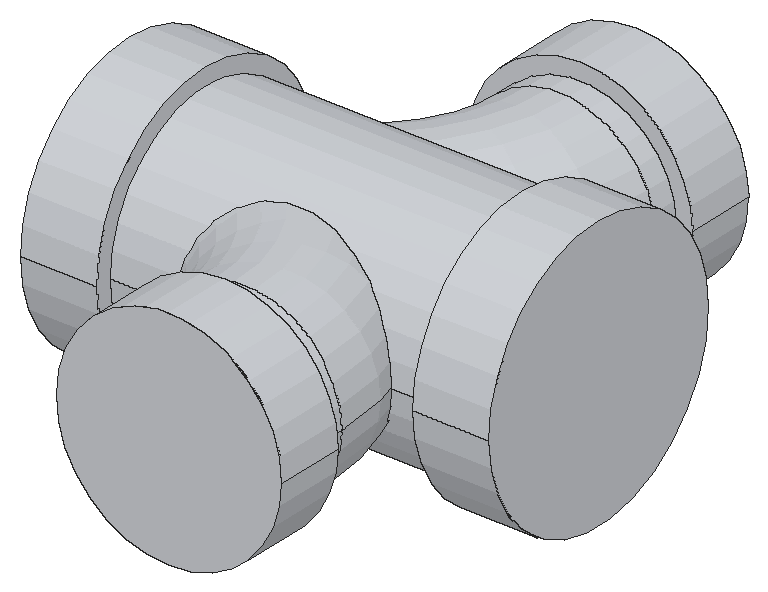
Revit family "变径顺水四通 - PVC - Sch 40 - DWV", category 管件, Revit 2020
Family settings
  圆形连接件大小 = 使用半径
  零件类型 = 四通
  基于工作平面 = 否
  总是垂直 = 是
  加载时剪切的空心 = 否
  共享 = 否
Parameters (values of type "标准")
  默认高程 = 0 mm
  壁厚 2 [instance] = size_lookup(查找表格名, "WThk", 0.02 * 公称直径 2 + 3.274 mm, 公称直径 2)  # 3.962 mm
  壁厚 1 [instance] = size_lookup(查找表格名, "WThk", 0.02 * 公称直径 1 + 3.274 mm, 公称直径 1)  # 3.962 mm
  记号尺寸 2 [instance] = 管件外径 2 * 0.4  # 19.304 mm
  记号尺寸 1 [instance] = 管件外径 1 * 0.4  # 24.13 mm
  套管外半径 2 [instance] = 套管外径 2 / 2  # 28.283 mm
  套管外半径 1 [instance] = 套管外径 1 / 2  # 34.315 mm
  套管外径 2 [instance] = 套管入口直径 2 + 壁厚 2 * 2  # 56.566 mm
  套管外径 1 [instance] = 套管入口直径 1 + 壁厚 1 * 2  # 68.631 mm
  套管入口直径 2 [instance] = size_lookup(查找表格名, "SED", 1.04 * 公称直径 2 + 9.426 mm, 公称直径 2)  # 48.641 mm
  套管入口直径 1 [instance] = size_lookup(查找表格名, "SED", 1.04 * 公称直径 1 + 9.426 mm, 公称直径 1)  # 60.706 mm
  套管深度 2 [instance] = size_lookup(查找表格名, "SDpt", 0.5 * 公称直径 2, 公称直径 2)  # 17.45 mm
  套管深度 1 [instance] = size_lookup(查找表格名, "SDpt", 0.5 * 公称直径 1, 公称直径 1)  # 19.05 mm
  套管底部到套管底部管路 [instance] = size_lookup(查找表格名, "SBtSBR", -0.34 * 公称直径 1 + 1.57 * 公称直径 2 + 34.528 mm, 公称直径 1, 公称直径 2)  # 79.375 mm
  半径 4 [instance] = 管件外半径 2  # 24.13 mm
  半径 3 [instance] = 管件外半径 2  # 24.13 mm
  半径 2 [instance] = 管件外半径 2  # 24.13 mm
  半径 1 [instance] = 管件外半径 2  # 24.13 mm
  公称半径 2 [instance] = 20 mm
  公称直径 2 [instance] = 公称半径 2 * 2  # 40 mm
  最小角度 12 [instance] = if(角度 1 < 角度 2, 角度 1, 角度 2)  # 90.00°
  查找表格名 = "M_Tee Reducing Double Sanitary - PVC - Sch 40 - DWV"
  长度 9 [instance] = if(长度 7 > 套管外半径 1, 套管深度 2, if((套管外半径 2 * cos(角度 2) + 套管外半径 1 - 长度 5) / sin(角度 2) > 3.175 mm, (套管外半径 2 * cos(角度 2) + 套管外半径 1 - 长度 5) / sin(角度 2), 3.175 mm))  # 17.45 mm
  长度 8 [instance] = if(长度 6 > 套管外半径 1, 套管深度 2, if((套管外半径 2 * cos(角度 1) + 套管外半径 1 - 长度 4) / sin(角度 1) > 3.175 mm, (套管外半径 2 * cos(角度 1) + 套管外半径 1 - 长度 4) / sin(角度 1), 3.175 mm))  # 17.45 mm
  长度 7 [instance] = 长度 5 - 套管外半径 2 * cos(角度 2)  # 49.225 mm
  长度 6 [instance] = 长度 4 - 套管外半径 2 * cos(角度 1)  # 49.225 mm
  长度 5 [instance] = 中心半径 2 * (1 - cos(角度 2))  # 49.225 mm
  长度 4 [instance] = 中心半径 1 * (1 - cos(角度 1))  # 49.225 mm
  长度 3 [instance] = if(套管底部到套管底部管路 - 中心到套管底部管路 > 3.175 mm, 套管底部到套管底部管路 - 中心到套管底部管路, 3.175 mm)  # 30.15 mm
  长度 2 [instance] = 0 mm  # constant formula
  长度 19 [instance] = if(长度 9 = 套管深度 2, if(角度 2 = 90.00°, -中心到套管底部管路 + 中心到套管底部支管 + 套管深度 2, 套管深度 2), 套管深度 2 + 长度 9)  # 23.8 mm
  长度 18 [instance] = if(长度 8 = 套管深度 2, if(角度 1 = 90.00°, -中心到套管底部管路 + 中心到套管底部支管 + 套管深度 2, 套管深度 2), 套管深度 2 + 长度 8)  # 23.8 mm
  长度 17 [instance] = 长度 12 + 4572 mm  # 4621.225 mm
  长度 16 [instance] = 长度 10 + 4572 mm  # 4621.225 mm
  长度 15 [instance] = if(最小角度 12 < 90.00°, if(中心到套管底部管路标签 + 长度 3 > 长度 14, 长度 3, 长度 14 - 中心到套管底部管路标签), 长度 3)  # 30.15 mm
  长度 14 [instance] = if(长度 10 > 长度 12, 长度 10 - cos(角度 1) * 套管深度 2 + 套管外半径 2 * sin(角度 1), 长度 12 - cos(角度 2) * 套管深度 2 + 套管外半径 2 * sin(角度 2))  # 77.508 mm
  长度 13 [instance] = 长度 5 + (长度 19) * sin(角度 2)  # 73.025 mm
  长度 12 [instance] = if(长度 7 > 套管外半径 1, 中心半径 2 * sin(角度 2) + 套管深度 2 * cos(角度 2), 中心半径 2 * sin(角度 2) + (长度 9 + 套管深度 2) * cos(角度 2))  # 49.225 mm
  长度 11 [instance] = 长度 4 + (长度 18) * sin(角度 1)  # 73.025 mm
  长度 10 [instance] = if(长度 6 > 套管外半径 1, 中心半径 1 * sin(角度 1) + 套管深度 2 * cos(角度 1), 中心半径 1 * sin(角度 1) + (长度 8 + 套管深度 2) * cos(角度 1))  # 49.225 mm
  长度 1 [instance] = if(管件外半径 2 * tan(角度 1 / 2) > 管件外半径 2 * tan(角度 2 / 2), 管件外半径 2 * tan(角度 1 / 2), 管件外半径 2 * tan(角度 2 / 2))  # 24.13 mm
  中心半径 1 [instance] = 中心到套管底部管路标签 / tan(角度 1 / 2)  # 49.225 mm
  公称半径 1 [instance] = 25 mm
  公称直径 1 [instance] = 公称半径 1 * 2  # 50 mm
  中心半径 2 [instance] = 中心到套管底部管路标签 / tan(角度 2 / 2)  # 49.225 mm
  中心到套管底部管路标签 [instance] = if(长度 1 < 中心到套管底部管路, 中心到套管底部管路, 长度 1 + 3.175 mm)  # 49.225 mm
  管件外半径 2 [instance] = 管件外径 2 / 2  # 24.13 mm
  管件外半径 1 [instance] = 管件外径 1 / 2  # 30.163 mm
  管件外径 2 [instance] = size_lookup(查找表格名, "FOD", 1.04 * 公称直径 2 + 9.128 mm, 公称直径 2)  # 48.26 mm
  管件外径 1 [instance] = size_lookup(查找表格名, "FOD", 1.04 * 公称直径 1 + 9.128 mm, 公称直径 1)  # 60.325 mm
  中心到套管底部管路 [instance] = size_lookup(查找表格名, "CtSBR", -0.16 * 公称直径 1 + 0.93 * 公称直径 2 + 20.836 mm, 公称直径 1, 公称直径 2)  # 49.225 mm
  中心到套管底部支管 [instance] = size_lookup(查找表格名, "CtSBB", 0.46 * 公称直径 1 + 0.33 * 公称直径 2 + 19.348 mm, 公称直径 1, 公称直径 2)  # 55.575 mm
  角度 2 [instance] = 90.00°
  角度 1 [instance] = 90.00°
Reference planes
  plane 1 "中心(前/后)": y = 0
  plane 2: z = 0
  plane 3 "中心(左/右)": x = 0
  plane 4: x = -49.225
  plane 5: y = 49.225
  plane 6: y = -49.225
  plane 7: x = -49.225
  plane 8: x = 30.15
  plane 9: x = -68.275
  plane 10: x = 49.2
  plane 11: x = -4621.225
  plane 12: y = -73.025
  plane 13: x = 0
  plane 14: y = 73.025
  plane 15: x = 0
Forms (mm)
  Sweep 1, solid, detail levels fine
    path in 3D
      loop
        arc (-49.225, 0, 0) -> (-14.418, 14.418, 0) -> (0, 49.225, 0) r 49.225
    profile origin (-14.418, 14.418, 0) x (-0.707107, 0.707107, 0) y (0, 0, 1)
      loop
        circle (0, 0) r 24.13
  Sweep 2, solid, detail levels fine
    path in 3D
      loop
        line (-68.275, 0, 0) -> (-49.225, 0, 0)
    profile origin (-58.75, 0, 0) x (0, 1, 0) y (0, 0, 1)
      loop
        circle (0, 0) r 34.315
  Sweep 3, solid, detail levels fine
    path in 3D
      loop
        line (30.15, 0, 0) -> (49.2, 0, 0)
    profile origin (39.675, 0, 0) x (0, 1, 0) y (0, 0, 1)
      loop
        circle (0, 0) r 34.315
  Blend 4, solid, detail levels fine
    base sketch origin (0, 0, 0) x (0, 1, 0) y (0, 0, 1)
      loop
        circle (0, 0) r 30.163
    top sketch origin (0, 0, 0) x (0, 1, 0) y (0, 0, 1)
      loop
        circle (0, 0) r 30.163
    from -49.225 to 30.15
  Sweep 5, solid, detail levels fine
    path in 3D
      loop
        line (0, 49.225, 0) -> (0, 73.025, 0)
    profile origin (0, 61.125, 0) x (-1, 0, 0) y (0, 0, 1)
      loop
        circle (0, 0) r 24.13
  Sweep 6, solid, detail levels fine
    path origin (0, 0, 0) x (1, 0, 0) y (0, 1, 0)
      loop
        line (0, 73.025) -> (0, 55.575)
    profile origin (0, 64.3, 0) x (1, 0, 0) y (0, 0, 1)
      loop
        circle (0, 0) r 28.283
  Sweep 7, solid, detail levels fine
    path in 3D
      loop
        arc (-49.225, 0, 0) -> (-14.418, -14.418, 0) -> (0, -49.225, 0) r 49.225
    profile origin (-14.418, -14.418, 0) x (0.707107, 0.707107, 0) y (0, 0, 1)
      loop
        circle (0, 0) r 24.13
  Sweep 8, solid, detail levels fine
    path in 3D
      loop
        line (0, -73.025, 0) -> (0, -49.225, 0)
    profile origin (0, -61.125, 0) x (-1, 0, 0) y (0, 0, 1)
      loop
        circle (0, 0) r 24.13
  Sweep 9, solid, detail levels fine
    path origin (0, 0, 0) x (1, 0, 0) y (0, 1, 0)
      loop
        line (0, -73.025) -> (0, -55.575)
    profile origin (0, -64.3, 0) x (-1, 0, 0) y (0, 0, 1)
      loop
        circle (0, 0) r 28.283
Cuts and joins
  joined: Sweep 2, Sweep 3, Blend 4
  joined: Sweep 1, Sweep 5, Sweep 6
  joined: Sweep 7, Sweep 8, Sweep 9
Lines and regions (mm)
  model lines, detail levels coarse+medium
    curve 1: arc (-49.225, 0, 0) -> (-14.418, 14.418, 0) -> (0, 49.225, 0) r 49.225
    curve 2: line (-49.225, 0, 0) -> (30.15, 0, 0)
    curve 4: line (0, 49.225, 0) -> (0, 73.025, 0)
    curve 5: line (-68.275, 0, 0) -> (-49.225, 0, 0)
    curve 7: line (30.15, 0, 0) -> (49.2, 0, 0)
    curve 9: line (-68.275, 0, 0) -> (-68.275, 24.13, 0)
    curve 10: line (-68.275, 0, 0) -> (-68.275, -24.13, 0)
    curve 11: line (49.2, 0, 0) -> (49.2, 24.13, 0)
    curve 12: line (49.2, 0, 0) -> (49.2, -24.13, 0)
    curve 14: line (0, 73.025, 0) -> (19.304, 73.025, 0)
    curve 15: line (0, 73.025, 0) -> (-19.304, 73.025, 0)
    curve 18: arc (-49.225, 0, 0) -> (-14.418, -14.418, 0) -> (0, -49.225, 0) r 49.225
    curve 19: line (0, -73.025, 0) -> (0, -49.225, 0)
    curve 22: line (0, -73.025, 0) -> (19.304, -73.025, 0)
    curve 23: line (0, -73.025, 0) -> (-19.304, -73.025, 0)
  sketch lines
    curve 3: arc (-49.225, 0, 0) -> (-14.418, 14.418, 0) -> (0, 49.225, 0) r 49.225
    curve 6: line (-68.275, 0, 0) -> (-49.225, 0, 0)
    curve 8: line (30.15, 0, 0) -> (49.2, 0, 0)
    curve 13: line (0, 49.225, 0) -> (0, 73.025, 0)
    curve 20: arc (-49.225, 0, 0) -> (-14.418, -14.418, 0) -> (0, -49.225, 0) r 49.225
    curve 21: line (0, -73.025, 0) -> (0, -49.225, 0)
  reference lines
    curve 16: line (-68.275, 0, 0) -> (-49.225, 0, 0)
    curve 17: line (0, 73.025, 0) -> (0, 55.575, 0)
Dimensions and locks
  "中心到套管底部管路标签": plane 4 to plane 3 "中心(左/右)"
  "中心半径 2": plane 5 to plane 1 "中心(前/后)"
  "中心半径 1": plane 6 to plane 1 "中心(前/后)"
  "长度 19": curve 4 to curve 4
  "套管深度 1": plane 10 to plane 8
  "套管深度 1": plane 9 to plane 7
  "长度 2": plane 7 to plane 4
  "长度 15": plane 3 "中心(左/右)" to plane 8
  "记号尺寸 1": plane 1 "中心(前/后)" to curve 9
  "记号尺寸 1": curve 10 to plane 1 "中心(前/后)"
  equal spacing: curve 12, plane 1 "中心(前/后)", curve 11
  "记号尺寸 1": curve 12 to plane 1 "中心(前/后)"
  "长度 11": plane 12 to plane 1 "中心(前/后)"
  "长度 13": plane 14 to plane 1 "中心(前/后)"
  "记号尺寸 2": curve 14 to curve 14
  "记号尺寸 2": curve 15 to curve 15
  locked: plane 11 to plane 4 at 4572
  "长度 17": plane 11 to plane 15
  "长度 16": plane 11 to plane 13
  "套管深度 2": Sweep 6 sketch curve to Sweep 6 sketch curve
  "长度 18": curve 19 to curve 19
  "套管深度 2": Sweep 9 sketch curve to Sweep 9 sketch curve
  "记号尺寸 2": curve 22 to curve 22
  "记号尺寸 2": curve 23 to curve 23
  "中心半径 2": radius of curve 1
  "管件外半径 2": radius of Sweep 1 sketch curve
  "套管外半径 1": radius of Sweep 2 sketch curve
  "套管外半径 1": radius of Sweep 3 sketch curve
  "管件外半径 1": radius of Blend 4 sketch curve  (x2)
  "半径 3": radius of Sweep 5 sketch curve
  "套管外半径 2": radius of Sweep 6 sketch curve
  "管件外半径 2": radius of Sweep 7 sketch curve
  "管件外半径 2": radius of Sweep 8 sketch curve
  "套管外半径 2": radius of Sweep 9 sketch curve
  "角度 2": angle curve 1 to curve 1
  "角度 2": angle plane 1 "中心(前/后)" to curve 4
  "角度 2": angle plane 15 to curve 14
  "角度 2": angle plane 15 to curve 15
  "角度 2": angle plane 14 to curve 17
  "角度 2": angle plane 14 to Sweep 6 sketch curve
  "角度 1": angle curve 18 to curve 18
  "角度 1": angle curve 19 to plane 12
  "角度 1": angle Sweep 9 sketch curve to plane 12
  locked: curve 22 to curve 19 (angle 90.00°)
  locked: curve 19 to curve 23 (angle 90.00°)
  aligned and locked: plane 1 "中心(前/后)" to curve 2
  aligned and locked: level to Sweep 1 sketch curve
  aligned and locked: plane 1 "中心(前/后)" to curve 5
  aligned and locked: plane 9 to curve 5
  aligned and locked: plane 1 "中心(前/后)" to curve 7
  aligned and locked: plane 8 to curve 7
  aligned and locked: plane 10 to curve 7
  aligned and locked: plane 7 to curve 5
  aligned and locked: level to Blend 4 sketch curve  (x2)
  aligned and locked: plane 1 "中心(前/后)" to Blend 4 sketch curve  (x2)
  aligned and locked: Blend 4 to plane 7
  aligned and locked: plane 8 to Blend 4
  aligned and locked: plane 9 to curve 16
  aligned and locked: plane 1 "中心(前/后)" to curve 16
  aligned and locked: plane 14 to curve 17
  aligned and locked: plane 15 to curve 17
  aligned and locked: plane 14 to Sweep 6 sketch curve
  aligned and locked: plane 15 to Sweep 6 sketch curve
  aligned and locked: plane 6 to curve 18
  aligned and locked: plane 12 to curve 19
  aligned and locked: plane 12 to Sweep 9 sketch curve
  aligned and locked: plane 13 to Sweep 9 sketch curve
  aligned and locked: plane 13 to curve 23
Automatic sketch dimensions
  Sweep 1 sketch curve to profile plane = 0 mm
  Sweep 2 sketch curve to profile plane = 0 mm  (x2)
  Sweep 3 sketch curve to profile plane = 0 mm  (x2)
  Sweep 5 sketch curve to profile plane = 0 mm  (x2)
  Sweep 6 sketch curve to level = 0 mm
  Sweep 6 sketch curve to profile plane = 0 mm
  Sweep 7 sketch curve to profile plane = 0 mm  (x2)
  Sweep 8 sketch curve to profile plane = 0 mm
  profile plane to Sweep 8 sketch curve = 0 mm
  level to Sweep 9 sketch curve = 0 mm
  Sweep 9 sketch curve to profile plane = 0 mm
  curve 1 to plane 4 = 0 mm
  curve 16 to plane 4 = 0 mm
Connectors
  piping at (-68.275, 0, 0), diameter 50, driven by "公称半径 1"
    settings: on Sweep 2, index 1, connector inside diameter 50 mm, connector length 0 mm, flow factor 0, pipe flow 0.0 L/s, pressure drop 0.0 Pa, fitting loss kfactor 0, connector angle 0.00°, fixture units 0, engagement length 0 mm, angle of deflection 0.00°, flow configuration 0, flow direction 0, fitting loss method 0, system type 28, joint type 0, gender type 0, connector reference index 2, connector utility 0, adjustable connector no, is connector primary yes, connector description ""
  piping at (49.2, 0, 0), diameter 50, driven by "公称半径 1"
    settings: on Sweep 3, index 2, connector inside diameter 50 mm, connector length 0 mm, flow factor 0, pipe flow 0.0 L/s, pressure drop 0.0 Pa, fitting loss kfactor 0, connector angle 0.00°, fixture units 0, engagement length 0 mm, angle of deflection 0.00°, flow configuration 0, flow direction 0, fitting loss method 0, system type 28, joint type 0, gender type 0, connector reference index 1, connector utility 0, adjustable connector no, is connector primary no, connector description ""
  piping at (0, 73.025, 0), diameter 40, driven by "角度 2", driven by "公称半径 2"
    settings: on cut or joined group of Sweep 1, Sweep 5, Sweep 6, index 4, connector inside diameter 40 mm, connector length 0 mm, flow factor 0, pipe flow 0.0 L/s, pressure drop 0.0 Pa, fitting loss kfactor 0, connector angle 90.00°, fixture units 0, engagement length 0 mm, angle of deflection 0.00°, flow configuration 0, flow direction 0, fitting loss method 0, system type 28, joint type 0, gender type 0, connector reference index -1, connector utility 0, adjustable connector no, is connector primary no, connector description ""
  piping at (0, -73.025, 0), diameter 40, driven by "角度 1", driven by "公称半径 2"
    settings: on cut or joined group of Sweep 7, Sweep 8, Sweep 9, index 5, connector inside diameter 40 mm, connector length 0 mm, flow factor 0, pipe flow 0.0 L/s, pressure drop 0.0 Pa, fitting loss kfactor 0, connector angle 90.00°, fixture units 0, engagement length 0 mm, angle of deflection 0.00°, flow configuration 0, flow direction 0, fitting loss method 0, system type 28, joint type 0, gender type 0, connector reference index -1, connector utility 0, adjustable connector no, is connector primary no, connector description ""
